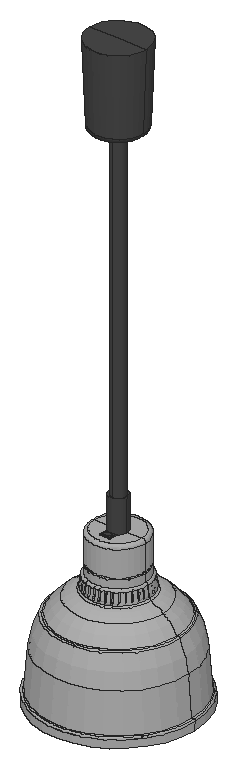
Revit family "Värmelampa Focus RS Hissfunktion", category Lighting Fixtures, host Ceiling, Revit 2020
Family settings
  Host = Ceiling
  Round Connector Dimension = Use Diameter
  Part Type = Normal
  OmniClass Number = 23.80.70.11
  OmniClass Title = Luminaries for Internal Lighting
  Always vertical = Yes
  Cut with Voids When Loaded = No
  Light Source = No
  Shared = No
  Room Calculation Point = No
Parameters (values of type "VL1-RS-HSA")
  Model = "VL1-RS-HSA"
  Lamp Type = Värmelampa Focus RS H : VL1-RO-HSA
  Lamp Hanger Material = AMA - Glossy Black
  Default Elevation = 0 mm
  Adjustable length [instance] = 850 mm
Types (2, lengths in mm): name | Model | Lamp Type
  VL1-RS-HSS | "VL1-RS-HSS" | Värmelampa Focus RS H : VL1-RO-HSS
  VL1-RS-HSA | "VL1-RS-HSA" | Värmelampa Focus RS H : VL1-RO-HSA
Reference planes
  plane 1 "Light Source Axis (F/B)": y = 0
  plane 2: z = 0
  plane 3 "Light Source Axis (L/R)": x = 0
  plane 4 "Ceiling": z = 4000
  plane 5 "Light Source Elevation": z = 3750
  plane 6: z = 3150
  plane 7: x = -41
  plane 8: x = -109.996
  plane 9: x = 109.996
  plane 10: z = 3415.281
Forms (mm)
  Revolve 1, solid, material "AMA - Glossy Black" <- "Lamp Hanger Material"
    sketch origin (0, 0, 0) x (1, 0, 0) y (0, 0, 1)
      loop
        line (0, 4000) -> (-41, 4000) -> (-36.917, 3890.827)
        arc (-36.917, 3890.827) -> (-35.084, 3886.73) -> (-30.921, 3885.051) r 6
        line (-30.921, 3885.051) -> (-16.62, 3885.051) -> (-17.038, 3911.02) -> (0, 3911.02) -> (0, 4000)
      axis (0, 3885.051) -> (0, 4000)
    angle from 0 to 360
  Extrusion 2, solid, material "AMA - Glossy Black" <- "Lamp Hanger Material"
    sketch origin (-2507.68, 6000, 3494.441) x (0, 1, 0) y (1, 0, 0)
      loop
        circle (-6000, 2507.68) r 10
    from 79.16 to -416.579
Lines and regions (mm)
  symbolic lines
    curve 1: circle (0, 0, 3494.441) r 110 normal (0, 0, -1)
    curve 2: circle (0, 0, 3494.441) r 41 normal (0, 0, -1)
    curve 3: line (-77.782, -77.782, 3494.441) -> (77.782, 77.782, 3494.441)
    curve 4: line (77.782, -77.782, 3494.441) -> (-77.782, 77.782, 3494.441)
Dimensions and locks
  equal spacing: host sketch curve, plane 3 "Light Source Axis (L/R)", host sketch curve
  equal spacing: host sketch curve, plane 1 "Light Source Axis (F/B)", host sketch curve
  host sketch curve to host sketch curve = 4000 mm  (x2)
  plane 4 "Ceiling" to host ceiling = 0 mm
  "Adjustable length": plane 6 to plane 4 "Ceiling"
  plane 8 to plane 9 = 219.991 mm
  equal spacing: plane 8, plane 3 "Light Source Axis (L/R)", plane 9
  plane 4 "Ceiling" to plane 5 "Light Source Elevation" = 250 mm
  locked: plane 6 to plane 10 at 265.281
  plane 6 to nested 1 = 220 mm
  aligned and locked: Extrusion 2 to Revolve 1
  aligned and locked: Extrusion 2 to nested 1
  aligned and locked: Extrusion 2 to plane 10
Automatic sketch dimensions
  plane 1 "Light Source Axis (F/B)" to Extrusion 2 sketch curve = 0 mm
  Extrusion 2 sketch curve to plane 3 "Light Source Axis (L/R)" = 0 mm
  curve 1 to curve 2 = 0 mm  (x2)
  plane 1 "Light Source Axis (F/B)" to curve 2 = 0 mm
  curve 2 to plane 3 "Light Source Axis (L/R)" = 0 mm
  plane 1 "Light Source Axis (F/B)" to curve 4 = 77.782 mm
  plane 1 "Light Source Axis (F/B)" to curve 3 = 77.782 mm
  curve 4 to plane 1 "Light Source Axis (F/B)" = 77.782 mm
  curve 3 to plane 1 "Light Source Axis (F/B)" = 77.782 mm
  plane 3 "Light Source Axis (L/R)" to curve 3 = 77.782 mm
  Revolve 1 sketch curve to plane 4 "Ceiling" = 0 mm  (x2)
  Revolve 1 sketch curve to plane 7 = 0 mm
  Revolve 1 sketch curve to plane 3 "Light Source Axis (L/R)" = 0 mm  (x2)
  plane 7 to Revolve 1 sketch curve = 4.083 mm
  Revolve 1 sketch curve to Revolve 1 sketch curve = 5.996 mm
  Revolve 1 sketch curve to Revolve 1 sketch curve = 14.301 mm
  Revolve 1 sketch curve to Revolve 1 sketch curve = 17.038 mm
  Revolve 1 sketch curve to Revolve 1 sketch curve = 65 mm
  plane 4 "Ceiling" to Revolve 1 sketch curve = 108.949 mm
  Revolve 1 sketch curve to Revolve 1 sketch curve = 0.224 mm
  Revolve 1 sketch curve to Revolve 1 sketch curve = 25.969 mm
  radius of Extrusion 2 sketch curve = 10 mm
  radius of curve 2 = 41 mm
Nested families
  nested 1: "Värmelampa Focus RS H" at (0, 0, 3150), type <- "Lamp Type", type "VL1-RO-HSA"
Definition of nested family "Värmelampa Focus RS H"
  Parameters (values of type "VL1-RO-HSS")
    Main Body Material = none
    Lamp Hanger Material = none
    Default Elevation = 0 mm
  Types (2): name
    VL1-RO-HSA
    VL1-RO-HSS
  Reference planes
    plane 1 "Light Source Axis (F/B)": y = 0
    plane 2: z = 0
    plane 3 "Light Source Axis (L/R)": x = 0
    plane 4 "Light Source Elevation": z = 1500
    plane 5: z = 265.281
    plane 6: z = 220
    plane 7: z = 147.493
  Forms (mm)
    Revolve 1, solid, material <- "Main Body Material"
      sketch origin (321.816, 0, -3150) x (1, 0, 0) y (0, 0, 1)
        loop
          arc (-232.978, 3260.274) -> (-233.926, 3261.301) -> (-235.278, 3261.659) r 2.5
          arc (-235.278, 3261.659) -> (-236.488, 3261.938) -> (-237.415, 3262.765) r 2.5
          arc (-237.415, 3262.765) -> (-246.445, 3274.307) -> (-257.054, 3284.417) r 100.768
          arc (-257.054, 3284.417) -> (-265.762, 3290.146) -> (-275.486, 3293.905) r 49
          arc (-275.486, 3293.905) -> (-276.966, 3294.827) -> (-277.683, 3296.416) r 3
          line (-277.683, 3296.416) -> (-279.685, 3311.841)
          arc (-279.685, 3311.841) -> (-281.012, 3314.331) -> (-283.652, 3315.326) r 4
          line (-283.652, 3315.326) -> (-321.816, 3315.326) -> (-321.816, 3313.326) -> (-283.652, 3313.326)
          arc (-283.652, 3313.326) -> (-282.332, 3312.829) -> (-281.668, 3311.583) r 2
          line (-281.668, 3311.583) -> (-279.666, 3296.158)
          arc (-279.666, 3296.158) -> (-278.468, 3293.506) -> (-275.995, 3291.97) r 5
          arc (-275.995, 3291.97) -> (-266.125, 3288.094) -> (-257.385, 3282.089) r 46.652
          arc (-257.385, 3282.089) -> (-247.551, 3272.547) -> (-239.133, 3261.736) r 98.768
          arc (-239.133, 3261.736) -> (-237.305, 3260.128) -> (-234.914, 3259.674) r 4.614
          arc (-234.914, 3259.674) -> (-226.91, 3239.802) -> (-222.228, 3218.896) r 131.909
          arc (-222.228, 3218.896) -> (-219.217, 3191.479) -> (-217.833, 3163.932) r 465.715
          arc (-217.833, 3163.932) -> (-217.006, 3161.925) -> (-215.041, 3161.001) r 3
          arc (-215.041, 3161.001) -> (-214.17, 3160.587) -> (-213.816, 3159.69) r 1.314
          line (-213.816, 3159.69) -> (-213.816, 3150) -> (-211.816, 3150) -> (-211.816, 3160.995)
          arc (-211.816, 3160.995) -> (-212.575, 3162.562) -> (-214.274, 3162.941) r 1.999
          arc (-214.274, 3162.941) -> (-215.345, 3163.174) -> (-215.838, 3164.153) r 1.272
          arc (-215.838, 3164.153) -> (-217.23, 3191.728) -> (-220.247, 3219.173) r 467.715
          arc (-220.247, 3219.173) -> (-224.951, 3240.238) -> (-232.978, 3260.274) r 133.909
        axis (-321.816, 3315.326) -> (-321.816, 3150)
      angle from 0 to 360
    Extrusion 2, solid, material <- "Lamp Hanger Material"
      sketch origin (-36.5, 6000, 265.281) x (1, 0, 0) y (0, 1, 0)
        loop
          circle (36.5, -6000) r 12.5
      from -45.281 to 0
    Revolve 3, solid, material <- "Main Body Material"
      sketch origin (0, 0, 0) x (1, 0, 0) y (0, 0, 1)
        loop
          line (0, 220) -> (0, 165.326) -> (38.983, 165.326) -> (38.983, 176.321)
          arc (38.983, 176.321) -> (37.983, 177.321) -> (38.983, 178.32) r 1
          line (38.983, 178.32) -> (38.983, 215.002)
          arc (38.983, 215.002) -> (37.519, 218.536) -> (33.985, 220) r 4.998
          line (33.985, 220) -> (0, 220)
        axis (0, 165.326) -> (0, 220)
      angle from 0 to 360
    Extrusion 4, void
      sketch origin (66.458, -7000, 132.016) x (0, 0, 1) y (0, 1, 0)
        loop
          line (16.977, 6998.587) -> (29.537, 6998.587)
          arc (29.537, 6998.587) -> (31.037, 7000.087) -> (29.537, 7001.587) r 1.5
          line (29.537, 7001.587) -> (16.977, 7001.587)
          arc (16.977, 7001.587) -> (15.477, 7000.087) -> (16.977, 6998.587) r 1.5
      from 17.051 to 31.502
    Extrusion 5, void
      sketch origin (-7000, -66.458, 132.016) x (0, 0, 1) y (1, 0, 0)
        loop
          line (16.977, 6998.587) -> (29.537, 6998.587)
          arc (29.537, 6998.587) -> (31.037, 7000.087) -> (29.537, 7001.587) r 1.5
          line (29.537, 7001.587) -> (16.977, 7001.587)
          arc (16.977, 7001.587) -> (15.477, 7000.087) -> (16.977, 6998.587) r 1.5
      from 17.051 to 31.502
    Extrusion 6, void
      sketch origin (6905.195, 1150.089, 132.016) x (0, 0, 1) y (0.984808, 0.173648, 0)
        loop
          arc (16.977, -6998.587) -> (15.477, -7000.087) -> (16.977, -7001.587) r 1.5
          line (16.977, -7001.587) -> (29.537, -7001.587)
          arc (29.537, -7001.587) -> (31.037, -7000.087) -> (29.537, -6998.587) r 1.5
          line (29.537, -6998.587) -> (16.977, -6998.587)
      from 17.051 to 31.502
    Extrusion 7, void
      sketch origin (6600.578, 2331.691, 132.016) x (0, 0, 1) y (0.939693, 0.34202, 0)
        loop
          arc (16.977, -6998.587) -> (15.477, -7000.087) -> (16.977, -7001.587) r 1.5
          line (16.977, -7001.587) -> (29.537, -7001.587)
          arc (29.537, -7001.587) -> (31.037, -7000.087) -> (29.537, -6998.587) r 1.5
          line (29.537, -6998.587) -> (16.977, -6998.587)
      from 17.051 to 31.502
    Extrusion 8, void
      sketch origin (6095.407, 3442.446, 132.016) x (0, 0, 1) y (0.866025, 0.5, 0)
        loop
          arc (16.977, -6998.587) -> (15.477, -7000.087) -> (16.977, -7001.587) r 1.5
          line (16.977, -7001.587) -> (29.537, -7001.587)
          arc (29.537, -7001.587) -> (31.037, -7000.087) -> (29.537, -6998.587) r 1.5
          line (29.537, -6998.587) -> (16.977, -6998.587)
      from 17.051 to 31.502
    Extrusion 9, void
      sketch origin (5405.029, 4448.604, 132.016) x (0, 0, 1) y (0.766044, 0.642788, 0)
        loop
          arc (16.977, -6998.587) -> (15.477, -7000.087) -> (16.977, -7001.587) r 1.5
          line (16.977, -7001.587) -> (29.537, -7001.587)
          arc (29.537, -7001.587) -> (31.037, -7000.087) -> (29.537, -6998.587) r 1.5
          line (29.537, -6998.587) -> (16.977, -6998.587)
      from 17.051 to 31.502
    Extrusion 10, void
      sketch origin (4550.423, 5319.593, 132.016) x (0, 0, 1) y (0.642788, 0.766044, 0)
        loop
          arc (16.977, -6998.587) -> (15.477, -7000.087) -> (16.977, -7001.587) r 1.5
          line (16.977, -7001.587) -> (29.537, -7001.587)
          arc (29.537, -7001.587) -> (31.037, -7000.087) -> (29.537, -6998.587) r 1.5
          line (29.537, -6998.587) -> (16.977, -6998.587)
      from 17.051 to 31.502
    Extrusion 11, void
      sketch origin (3557.554, 6028.949, 132.016) x (0, 0, 1) y (0.5, 0.866025, 0)
        loop
          arc (16.977, -6998.587) -> (15.477, -7000.087) -> (16.977, -7001.587) r 1.5
          line (16.977, -7001.587) -> (29.537, -7001.587)
          arc (29.537, -7001.587) -> (31.037, -7000.087) -> (29.537, -6998.587) r 1.5
          line (29.537, -6998.587) -> (16.977, -6998.587)
      from 17.051 to 31.502
    Extrusion 12, void
      sketch origin (2456.591, 6555.119, 132.016) x (0, 0, 1) y (0.34202, 0.939693, 0)
        loop
          arc (16.977, -6998.587) -> (15.477, -7000.087) -> (16.977, -7001.587) r 1.5
          line (16.977, -7001.587) -> (29.537, -7001.587)
          arc (29.537, -7001.587) -> (31.037, -7000.087) -> (29.537, -6998.587) r 1.5
          line (29.537, -6998.587) -> (16.977, -6998.587)
      from 17.051 to 31.502
    Extrusion 13, void
      sketch origin (1280.985, 6882.114, 132.016) x (0, 0, 1) y (0.173648, 0.984808, 0)
        loop
          arc (16.977, -6998.587) -> (15.477, -7000.087) -> (16.977, -7001.587) r 1.5
          line (16.977, -7001.587) -> (29.537, -7001.587)
          arc (29.537, -7001.587) -> (31.037, -7000.087) -> (29.537, -6998.587) r 1.5
          line (29.537, -6998.587) -> (16.977, -6998.587)
      from 17.051 to 31.502
    Extrusion 14, void
      sketch origin (-6905.195, 1150.089, 132.016) x (0, 0, 1) y (0.984808, -0.173648, 0)
        loop
          line (16.977, 6998.587) -> (29.537, 6998.587)
          arc (29.537, 6998.587) -> (31.037, 7000.087) -> (29.537, 7001.587) r 1.5
          line (29.537, 7001.587) -> (16.977, 7001.587)
          arc (16.977, 7001.587) -> (15.477, 7000.087) -> (16.977, 6998.587) r 1.5
      from 17.051 to 31.502
    Extrusion 15, void
      sketch origin (-6600.578, 2331.691, 132.016) x (0, 0, 1) y (0.939693, -0.34202, 0)
        loop
          line (16.977, 6998.587) -> (29.537, 6998.587)
          arc (29.537, 6998.587) -> (31.037, 7000.087) -> (29.537, 7001.587) r 1.5
          line (29.537, 7001.587) -> (16.977, 7001.587)
          arc (16.977, 7001.587) -> (15.477, 7000.087) -> (16.977, 6998.587) r 1.5
      from 17.051 to 31.502
    Extrusion 16, void
      sketch origin (-6095.407, 3442.446, 132.016) x (0, 0, 1) y (0.866025, -0.5, 0)
        loop
          line (16.977, 6998.587) -> (29.537, 6998.587)
          arc (29.537, 6998.587) -> (31.037, 7000.087) -> (29.537, 7001.587) r 1.5
          line (29.537, 7001.587) -> (16.977, 7001.587)
          arc (16.977, 7001.587) -> (15.477, 7000.087) -> (16.977, 6998.587) r 1.5
      from 17.051 to 31.502
    Extrusion 17, void
      sketch origin (-5405.029, 4448.604, 132.016) x (0, 0, 1) y (0.766044, -0.642788, 0)
        loop
          line (16.977, 6998.587) -> (29.537, 6998.587)
          arc (29.537, 6998.587) -> (31.037, 7000.087) -> (29.537, 7001.587) r 1.5
          line (29.537, 7001.587) -> (16.977, 7001.587)
          arc (16.977, 7001.587) -> (15.477, 7000.087) -> (16.977, 6998.587) r 1.5
      from 17.051 to 31.502
    Extrusion 18, void
      sketch origin (-4550.423, 5319.593, 132.016) x (0, 0, 1) y (0.642788, -0.766044, 0)
        loop
          line (16.977, 6998.587) -> (29.537, 6998.587)
          arc (29.537, 6998.587) -> (31.037, 7000.087) -> (29.537, 7001.587) r 1.5
          line (29.537, 7001.587) -> (16.977, 7001.587)
          arc (16.977, 7001.587) -> (15.477, 7000.087) -> (16.977, 6998.587) r 1.5
      from 17.051 to 31.502
    Extrusion 19, void
      sketch origin (-3557.554, 6028.949, 132.016) x (0, 0, 1) y (0.5, -0.866025, 0)
        loop
          line (16.977, 6998.587) -> (29.537, 6998.587)
          arc (29.537, 6998.587) -> (31.037, 7000.087) -> (29.537, 7001.587) r 1.5
          line (29.537, 7001.587) -> (16.977, 7001.587)
          arc (16.977, 7001.587) -> (15.477, 7000.087) -> (16.977, 6998.587) r 1.5
      from 17.051 to 31.502
    Extrusion 20, void
      sketch origin (-2456.591, 6555.119, 132.016) x (0, 0, 1) y (0.34202, -0.939693, 0)
        loop
          line (16.977, 6998.587) -> (29.537, 6998.587)
          arc (29.537, 6998.587) -> (31.037, 7000.087) -> (29.537, 7001.587) r 1.5
          line (29.537, 7001.587) -> (16.977, 7001.587)
          arc (16.977, 7001.587) -> (15.477, 7000.087) -> (16.977, 6998.587) r 1.5
      from 17.051 to 31.502
    Extrusion 21, void
      sketch origin (-1280.985, 6882.114, 132.016) x (0, 0, 1) y (0.173648, -0.984808, 0)
        loop
          line (16.977, 6998.587) -> (29.537, 6998.587)
          arc (29.537, 6998.587) -> (31.037, 7000.087) -> (29.537, 7001.587) r 1.5
          line (29.537, 7001.587) -> (16.977, 7001.587)
          arc (16.977, 7001.587) -> (15.477, 7000.087) -> (16.977, 6998.587) r 1.5
      from 17.051 to 31.502
    Extrusion 22, void
      sketch origin (-7000, 66.458, 132.016) x (0, 0, 1) y (-1, 0, 0)
        loop
          arc (16.977, -6998.587) -> (15.477, -7000.087) -> (16.977, -7001.587) r 1.5
          line (16.977, -7001.587) -> (29.537, -7001.587)
          arc (29.537, -7001.587) -> (31.037, -7000.087) -> (29.537, -6998.587) r 1.5
          line (29.537, -6998.587) -> (16.977, -6998.587)
      from 17.051 to 31.502
    Extrusion 23, void
      sketch origin (6905.195, -1150.089, 132.016) x (0, 0, 1) y (-0.984808, 0.173648, 0)
        loop
          line (16.977, 6998.587) -> (29.537, 6998.587)
          arc (29.537, 6998.587) -> (31.037, 7000.087) -> (29.537, 7001.587) r 1.5
          line (29.537, 7001.587) -> (16.977, 7001.587)
          arc (16.977, 7001.587) -> (15.477, 7000.087) -> (16.977, 6998.587) r 1.5
      from 17.051 to 31.502
    Extrusion 24, void
      sketch origin (6600.578, -2331.691, 132.016) x (0, 0, 1) y (-0.939693, 0.34202, 0)
        loop
          line (16.977, 6998.587) -> (29.537, 6998.587)
          arc (29.537, 6998.587) -> (31.037, 7000.087) -> (29.537, 7001.587) r 1.5
          line (29.537, 7001.587) -> (16.977, 7001.587)
          arc (16.977, 7001.587) -> (15.477, 7000.087) -> (16.977, 6998.587) r 1.5
      from 17.051 to 31.502
    Extrusion 25, void
      sketch origin (6095.407, -3442.446, 132.016) x (0, 0, 1) y (-0.866025, 0.5, 0)
        loop
          line (16.977, 6998.587) -> (29.537, 6998.587)
          arc (29.537, 6998.587) -> (31.037, 7000.087) -> (29.537, 7001.587) r 1.5
          line (29.537, 7001.587) -> (16.977, 7001.587)
          arc (16.977, 7001.587) -> (15.477, 7000.087) -> (16.977, 6998.587) r 1.5
      from 17.051 to 31.502
    Extrusion 26, void
      sketch origin (5405.029, -4448.604, 132.016) x (0, 0, 1) y (-0.766044, 0.642788, 0)
        loop
          line (16.977, 6998.587) -> (29.537, 6998.587)
          arc (29.537, 6998.587) -> (31.037, 7000.087) -> (29.537, 7001.587) r 1.5
          line (29.537, 7001.587) -> (16.977, 7001.587)
          arc (16.977, 7001.587) -> (15.477, 7000.087) -> (16.977, 6998.587) r 1.5
      from 17.051 to 31.502
    Extrusion 27, void
      sketch origin (4550.423, -5319.593, 132.016) x (0, 0, 1) y (-0.642788, 0.766044, 0)
        loop
          line (16.977, 6998.587) -> (29.537, 6998.587)
          arc (29.537, 6998.587) -> (31.037, 7000.087) -> (29.537, 7001.587) r 1.5
          line (29.537, 7001.587) -> (16.977, 7001.587)
          arc (16.977, 7001.587) -> (15.477, 7000.087) -> (16.977, 6998.587) r 1.5
      from 17.051 to 31.502
    Extrusion 28, void
      sketch origin (3557.554, -6028.949, 132.016) x (0, 0, 1) y (-0.5, 0.866025, 0)
        loop
          line (16.977, 6998.587) -> (29.537, 6998.587)
          arc (29.537, 6998.587) -> (31.037, 7000.087) -> (29.537, 7001.587) r 1.5
          line (29.537, 7001.587) -> (16.977, 7001.587)
          arc (16.977, 7001.587) -> (15.477, 7000.087) -> (16.977, 6998.587) r 1.5
      from 17.051 to 31.502
    Extrusion 29, void
      sketch origin (2456.591, -6555.119, 132.016) x (0, 0, 1) y (-0.34202, 0.939693, 0)
        loop
          line (16.977, 6998.587) -> (29.537, 6998.587)
          arc (29.537, 6998.587) -> (31.037, 7000.087) -> (29.537, 7001.587) r 1.5
          line (29.537, 7001.587) -> (16.977, 7001.587)
          arc (16.977, 7001.587) -> (15.477, 7000.087) -> (16.977, 6998.587) r 1.5
      from 17.051 to 31.502
    Extrusion 30, void
      sketch origin (1280.985, -6882.114, 132.016) x (0, 0, 1) y (-0.173648, 0.984808, 0)
        loop
          line (16.977, 6998.587) -> (29.537, 6998.587)
          arc (29.537, 6998.587) -> (31.037, 7000.087) -> (29.537, 7001.587) r 1.5
          line (29.537, 7001.587) -> (16.977, 7001.587)
          arc (16.977, 7001.587) -> (15.477, 7000.087) -> (16.977, 6998.587) r 1.5
      from 17.051 to 31.502
    Extrusion 31, void
      sketch origin (-6905.195, -1150.089, 132.016) x (0, 0, 1) y (-0.984808, -0.173648, 0)
        loop
          arc (16.977, -6998.587) -> (15.477, -7000.087) -> (16.977, -7001.587) r 1.5
          line (16.977, -7001.587) -> (29.537, -7001.587)
          arc (29.537, -7001.587) -> (31.037, -7000.087) -> (29.537, -6998.587) r 1.5
          line (29.537, -6998.587) -> (16.977, -6998.587)
      from 17.051 to 31.502
    Extrusion 32, void
      sketch origin (-6600.578, -2331.691, 132.016) x (0, 0, 1) y (-0.939693, -0.34202, 0)
        loop
          arc (16.977, -6998.587) -> (15.477, -7000.087) -> (16.977, -7001.587) r 1.5
          line (16.977, -7001.587) -> (29.537, -7001.587)
          arc (29.537, -7001.587) -> (31.037, -7000.087) -> (29.537, -6998.587) r 1.5
          line (29.537, -6998.587) -> (16.977, -6998.587)
      from 17.051 to 31.502
    Extrusion 33, void
      sketch origin (-6095.407, -3442.446, 132.016) x (0, 0, 1) y (-0.866025, -0.5, 0)
        loop
          arc (16.977, -6998.587) -> (15.477, -7000.087) -> (16.977, -7001.587) r 1.5
          line (16.977, -7001.587) -> (29.537, -7001.587)
          arc (29.537, -7001.587) -> (31.037, -7000.087) -> (29.537, -6998.587) r 1.5
          line (29.537, -6998.587) -> (16.977, -6998.587)
      from 17.051 to 31.502
    Extrusion 34, void
      sketch origin (-5405.029, -4448.604, 132.016) x (0, 0, 1) y (-0.766044, -0.642788, 0)
        loop
          arc (16.977, -6998.587) -> (15.477, -7000.087) -> (16.977, -7001.587) r 1.5
          line (16.977, -7001.587) -> (29.537, -7001.587)
          arc (29.537, -7001.587) -> (31.037, -7000.087) -> (29.537, -6998.587) r 1.5
          line (29.537, -6998.587) -> (16.977, -6998.587)
      from 17.051 to 31.502
    Extrusion 35, void
      sketch origin (-4550.423, -5319.593, 132.016) x (0, 0, 1) y (-0.642788, -0.766044, 0)
        loop
          arc (16.977, -6998.587) -> (15.477, -7000.087) -> (16.977, -7001.587) r 1.5
          line (16.977, -7001.587) -> (29.537, -7001.587)
          arc (29.537, -7001.587) -> (31.037, -7000.087) -> (29.537, -6998.587) r 1.5
          line (29.537, -6998.587) -> (16.977, -6998.587)
      from 17.051 to 31.502
    Extrusion 36, void
      sketch origin (-3557.554, -6028.949, 132.016) x (0, 0, 1) y (-0.5, -0.866025, 0)
        loop
          arc (16.977, -6998.587) -> (15.477, -7000.087) -> (16.977, -7001.587) r 1.5
          line (16.977, -7001.587) -> (29.537, -7001.587)
          arc (29.537, -7001.587) -> (31.037, -7000.087) -> (29.537, -6998.587) r 1.5
          line (29.537, -6998.587) -> (16.977, -6998.587)
      from 17.051 to 31.502
    Extrusion 37, void
      sketch origin (-2456.591, -6555.119, 132.016) x (0, 0, 1) y (-0.34202, -0.939693, 0)
        loop
          arc (16.977, -6998.587) -> (15.477, -7000.087) -> (16.977, -7001.587) r 1.5
          line (16.977, -7001.587) -> (29.537, -7001.587)
          arc (29.537, -7001.587) -> (31.037, -7000.087) -> (29.537, -6998.587) r 1.5
          line (29.537, -6998.587) -> (16.977, -6998.587)
      from 17.051 to 31.502
    Extrusion 38, void
      sketch origin (-1280.985, -6882.114, 132.016) x (0, 0, 1) y (-0.173648, -0.984808, 0)
        loop
          arc (16.977, -6998.587) -> (15.477, -7000.087) -> (16.977, -7001.587) r 1.5
          line (16.977, -7001.587) -> (29.537, -7001.587)
          arc (29.537, -7001.587) -> (31.037, -7000.087) -> (29.537, -6998.587) r 1.5
          line (29.537, -6998.587) -> (16.977, -6998.587)
      from 17.051 to 31.502
    Extrusion 39, void
      sketch origin (-66.458, -7000, 132.016) x (0, 0, 1) y (0, -1, 0)
        loop
          arc (16.977, -6998.587) -> (15.477, -7000.087) -> (16.977, -7001.587) r 1.5
          line (16.977, -7001.587) -> (29.537, -7001.587)
          arc (29.537, -7001.587) -> (31.037, -7000.087) -> (29.537, -6998.587) r 1.5
          line (29.537, -6998.587) -> (16.977, -6998.587)
      from 17.051 to 31.502
    Extrusion 40, solid, material <- "Lamp Hanger Material"
      sketch origin (-36.5, 6000, 220) x (0, 1, 0) y (1, 0, 0)
        loop
          line (-6013.857, 29) -> (-6013.857, 44) -> (-6023.857, 44) -> (-6023.857, 29) -> (-6013.857, 29)
        loop
          line (-6022.857, 43) -> (-6022.857, 30) -> (-6014.857, 30) -> (-6014.857, 43) -> (-6022.857, 43)
      from 0 to -1
    Extrusion 41, solid, material <- "Lamp Hanger Material"
      sketch origin (7.5, -23.857, 220) x (-1, 0, 0) y (0, 0, -1)
        loop
          line (14, 0) -> (1.191, 0) -> (1.191, -1) -> (1.676, -2.039)
          arc (1.676, -2.039) -> (1.963, -2.347) -> (2.376, -2.427) r 0.681
          line (2.376, -2.427) -> (14, -1) -> (14, 0)
      from -1 to -9
  Cuts and joins
    Extrusion 4, Extrusion 5, Extrusion 6, Extrusion 7, Extrusion 8, Extrusion 9, Extrusion 10, Extrusion 11, Extrusion 12, Extrusion 13, Extrusion 14, Extrusion 15, Extrusion 16, Extrusion 17, Extrusion 18, Extrusion 19, Extrusion 20, Extrusion 21, Extrusion 22, Extrusion 23, Extrusion 24, Extrusion 25, Extrusion 26, Extrusion 27, Extrusion 28, Extrusion 29, Extrusion 30, Extrusion 31, Extrusion 32, Extrusion 33, Extrusion 34, Extrusion 35, Extrusion 36, Extrusion 37, Extrusion 38, Extrusion 39 cuts Revolve 1
  Dimensions and locks
    aligned and locked: level to plane 2
    aligned and locked: Extrusion 2 to plane 6
